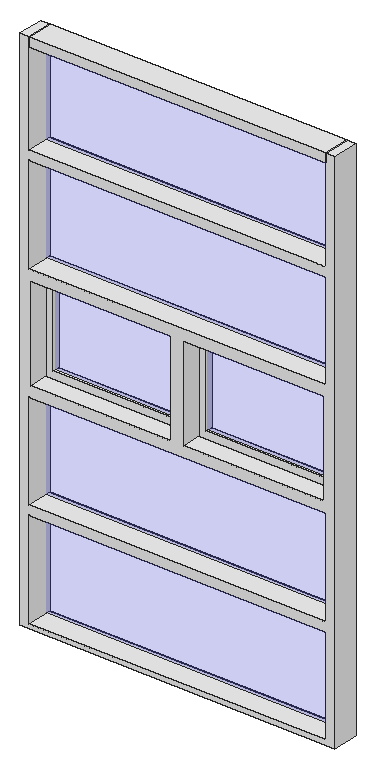
Revit family
Parameters
  창 패널 = ACW1 창 패널
  창 프레임 = ACW1 창 프레임
  Height = 3000 mm
  기본 씰 높이 = 0 mm
  Wall Closure = (empty or 0)
  Width = 1780 mm
  창 두께 = 150 mm
Reference planes
  plane 1: y = 0
  plane 2 "중심(왼쪽/오른쪽)": x = 0
  plane 3 "왼쪽": x = -890
  plane 4 "오른쪽": x = 890
  plane 5 "씰": z = 0
  plane 6 "헤드": z = 3000
  plane 7 "외부": y = 100
  plane 8 "내부": y = -100
  plane 9: z = 2400
  plane 10: z = 1800
  plane 11: z = 1200
  plane 12: z = 600
  plane 13: y = -75
  plane 14: y = 75
  plane 15: y = 66
  plane 16: y = 44
  plane 17: y = 35
  plane 18: x = -840
  plane 19: x = 840
  plane 20: z = 575
  plane 21: z = 625
  plane 22: z = 1175
  plane 23: z = 1225
  plane 24: z = 1775
  plane 25: z = 1825
  plane 26: z = 2375
  plane 27: z = 2425
  plane 28: z = 25
  plane 29: z = 2950
  plane 30: x = -25
  plane 31: x = 25
  plane 32: x = 432.5
  plane 33: x = -432.5
Forms (mm)
  Extrusion 1, solid, material "ACW1 창 프레임" <- "창 프레임"
    sketch origin (-2165.69, 265, 1175) x (0, 1, 0) y (1, 0, 0)
      loop
        line (-190, 3005.69) -> (-340, 3005.69) -> (-340, 1325.69) -> (-190, 1325.69) -> (-190, 3005.69)
    from 0 to -50
  Extrusion 2, solid, material "ACW1 창 프레임" <- "창 프레임"
    sketch origin (-2165.69, 265, 575) x (0, 1, 0) y (1, 0, 0)
      loop
        line (-190, 3005.69) -> (-340, 3005.69) -> (-340, 1325.69) -> (-190, 1325.69) -> (-190, 3005.69)
    from 0 to -50
  Extrusion 3, solid, material "ACW1 창 프레임" <- "창 프레임"
    sketch origin (-2165.69, 265, 1775) x (0, 1, 0) y (1, 0, 0)
      loop
        line (-190, 3005.69) -> (-340, 3005.69) -> (-340, 1325.69) -> (-190, 1325.69) -> (-190, 3005.69)
    from 0 to -50
  Extrusion 4, solid, material "ACW1 창 프레임" <- "창 프레임"
    sketch origin (-2165.69, 265, 2375) x (0, 1, 0) y (1, 0, 0)
      loop
        line (-190, 3005.69) -> (-340, 3005.69) -> (-340, 1325.69) -> (-190, 1325.69) -> (-190, 3005.69)
    from 0 to -50
  Extrusion 5, solid, material "ACW1 창 패널" <- "창 패널"
    sketch origin (0, 0, 0) x (1, 0, 0) y (0, 1, 0)
      loop
        line (-840, 66) -> (-840, 44) -> (840, 44) -> (840, 66) -> (-840, 66)
    from 25 to 575
  Extrusion 6, solid, material "ACW1 창 패널" <- "창 패널"
    sketch origin (0, 0, 575) x (1, 0, 0) y (0, 1, 0)
      loop
        line (-840, 66) -> (-840, 44) -> (840, 44) -> (840, 66) -> (-840, 66)
    from 50 to 600
  Extrusion 7, solid, material "ACW1 창 패널" <- "창 패널"
    sketch origin (0, 0, 1775) x (1, 0, 0) y (0, 1, 0)
      loop
        line (-840, 66) -> (-840, 44) -> (840, 44) -> (840, 66) -> (-840, 66)
    from 50 to 600
  Extrusion 8, solid, material "ACW1 창 패널" <- "창 패널"
    sketch origin (0, 0, 2375) x (1, 0, 0) y (0, 1, 0)
      loop
        line (-840, 66) -> (-840, 44) -> (840, 44) -> (840, 66) -> (-840, 66)
    from 50 to 575
  Extrusion 9, solid, material "ACW1 창 프레임" <- "창 프레임"
    sketch origin (0, 0, 0) x (1, 0, 0) y (0, 1, 0)
      loop
        line (-890, 75) -> (-890, -75) -> (-840, -75) -> (-840, 75) -> (-890, 75)
      loop
        line (840, 75) -> (840, -75) -> (890, -75) -> (890, 75) -> (840, 75)
    from 0 to 3000
  Extrusion 10, solid, material "ACW1 창 프레임" <- "창 프레임"
    sketch origin (-2165.69, 265, 0) x (0, 1, 0) y (1, 0, 0)
      loop
        line (-190, 3005.69) -> (-340, 3005.69) -> (-340, 1325.69) -> (-190, 1325.69) -> (-190, 3005.69)
    from 0 to -25
  Extrusion 11, solid, material "ACW1 창 프레임" <- "창 프레임"
    sketch origin (-2165.69, 265, 5050) x (0, 1, 0) y (1, 0, 0)
      loop
        line (-190, 3005.69) -> (-340, 3005.69) -> (-340, 1325.69) -> (-190, 1325.69) -> (-190, 3005.69)
    from 2100 to 2050
  Extrusion 12, solid, material "ACW1 창 프레임" <- "창 프레임"
    sketch origin (-2165.69, 265, 1225) x (0, 1, 0) y (1, 0, 0)
      loop
        line (-190, 2140.69) -> (-190, 2190.69) -> (-340, 2190.69) -> (-340, 2140.69) -> (-190, 2140.69)
    from 0 to -550
  Sweep 13, solid, material "ACW1 창 프레임" <- "창 프레임"
    path origin (-1050, 75, 0) x (1, 0, 0) y (0, 0, -1)
      loop
        line (1025, -1775) -> (1025, -1225) -> (210, -1225) -> (210, -1775) -> (1025, -1775)
    profile origin (-432.5, 75, 1775) x (0, 0, 1) y (0, 1, 0)
      loop
        line (0, 0) -> (-50, 0) -> (-50, -40) -> (0, -40) -> (0, 0)
  Sweep 14, solid, material "ACW1 창 프레임" <- "창 프레임"
    path origin (-1050, 75, 0) x (1, 0, 0) y (0, 0, -1)
      loop
        line (1890, -1775) -> (1890, -1225) -> (1075, -1225) -> (1075, -1775) -> (1890, -1775)
    profile origin (432.5, 75, 1775) x (0, 0, 1) y (0, 1, 0)
      loop
        line (0, 0) -> (-50, 0) -> (-50, -40) -> (0, -40) -> (0, 0)
  Extrusion 15, solid, material "ACW1 창 패널" <- "창 패널"
    sketch origin (-2180.69, 265, 2345) x (0, 1, 0) y (1, 0, 0)
      loop
        line (-199, 1390.69) -> (-199, 2105.69) -> (-221, 2105.69) -> (-221, 1390.69) -> (-199, 1390.69)
      loop
        line (-199, 2255.69) -> (-199, 2970.69) -> (-221, 2970.69) -> (-221, 2255.69) -> (-199, 2255.69)
    from 620 to 1070
  Sweep 16, solid, material "ACW1 창 프레임" <- "창 프레임"
    path origin (-25, 35, 1775) x (-1, 0, 0) y (0, 0, -1)
      loop
        line (0, 0) -> (815, 0) -> (815, 550) -> (0, 550) -> (0, 0)
    profile origin (-432.5, 35, 1775) x (0, 0, -1) y (0, -1, 0)
      loop
        line (0, 0) -> (9.997, 0) -> (9.997, 110) -> (0, 110) -> (0, 0)
  Sweep 17, solid, material "ACW1 창 프레임" <- "창 프레임"
    path origin (840, 35, 1775) x (-1, 0, 0) y (0, 0, -1)
      loop
        line (0, 0) -> (815, 0) -> (815, 550) -> (0, 550) -> (0, 0)
    profile origin (432.5, 35, 1775) x (0, 0, -1) y (0, -1, 0)
      loop
        line (0, 0) -> (9.997, 0) -> (9.997, 110) -> (0, 110) -> (0, 0)
Cuts and joins
  joined: Extrusion 1, Extrusion 2, Extrusion 3, Extrusion 4, Extrusion 9, Extrusion 10, Extrusion 12, Sweep 16, Sweep 17
Lines and regions (mm)
  Opening 1
    outline origin (3500, -100, 0) x (1, 0, 0) y (0, 0, 1)
      loop
        line (-2610, 0) -> (-2610, 3000) -> (-4390, 3000) -> (-4390, 0) -> (-2610, 0)
  symbolic lines, style "입면도 스윙"
    curve 1: line (-432.5, 35, 1775) -> (-25, 35, 1225)
    curve 2: line (-432.5, 35, 1775) -> (-840, 35, 1225)
    curve 3: line (432.5, 35, 1775) -> (840, 35, 1225)
    curve 4: line (432.5, 35, 1775) -> (25, 35, 1225)
Text (mm)
  text "외부" at (-1963.203, 1332.353, 0), in view "참조 레벨"
  text "내부" at (-1981.466, -818.386, 0), in view "참조 레벨"
  text "외부" at (0, 923.751, 2943.296), in view "오른쪽"
  text "외부" at (0, 1040.484, 2685.409), in view "왼쪽"
Dimensions and locks
  equal spacing: plane 3 "왼쪽", plane 2 "중심(왼쪽/오른쪽)", plane 4 "오른쪽"
  "Width": plane 3 "왼쪽" to plane 4 "오른쪽"
  "Height": plane 5 "씰" to plane 6 "헤드"
  "기본 씰 높이": plane 5 "씰" to level
  locked: plane 7 "외부" to host wall at 0
  locked: plane 8 "내부" to host wall
  "창 두께": plane 14 to plane 13
  equal spacing: plane 14, plane 1, plane 13
  plane 14 to plane 15 to plane 16 to plane 17 = 9 mm locked, 22 mm locked, 9 mm locked
  locked: plane 3 "왼쪽" to plane 18 at 50
  locked: plane 19 to plane 4 "오른쪽" at 50
  plane 29 to plane 6 "헤드" = 50 mm
  plane 30 to plane 2 "중심(왼쪽/오른쪽)" to plane 31 = 25 mm locked, 25 mm locked
  locked: cut or joined group 1 (Extrusion 1, Extrusion 2, Extrusion 3, Extrusion 4, Extrusion 9, Extrusion 10, Extrusion 12, Sweep 16, Sweep 17) to Sweep 13 sketch curve at 50
  locked: plane 5 "씰" to plane 28 at 25
  plane 26 to plane 9 to plane 27 = 25 mm locked, 25 mm locked
  plane 24 to plane 10 to plane 25 = 25 mm locked, 25 mm locked
  plane 22 to plane 11 to plane 23 = 25 mm locked, 25 mm locked
  plane 20 to plane 12 to plane 21 = 25 mm locked, 25 mm locked
  equal spacing: plane 5 "씰", plane 12, plane 11, plane 10, plane 9, plane 6 "헤드"
  equal spacing: plane 19, plane 32, plane 31
  equal spacing: plane 30, plane 33, plane 18
  aligned and locked: Extrusion 5 to plane 20
  aligned and locked: Extrusion 6 to plane 22
  aligned and locked: plane 3 "왼쪽" to Extrusion 9 sketch curve
  aligned and locked: Extrusion 9 sketch curve to plane 14
  aligned and locked: plane 13 to Extrusion 9 sketch curve
  aligned and locked: plane 4 "오른쪽" to Extrusion 9 sketch curve
  aligned and locked: Extrusion 9 to host wall
  aligned and locked: Extrusion 11 to host wall
  aligned and locked: plane 29 to Extrusion 11
  aligned and locked: plane 30 to Extrusion 12 sketch curve
  aligned and locked: plane 14 to Extrusion 12 sketch curve
  aligned and locked: plane 13 to Extrusion 12 sketch curve
  aligned and locked: plane 31 to Extrusion 12 sketch curve
  aligned and locked: Sweep 13 sketch curve to cut or joined group 1
  aligned and locked: Sweep 14 sketch curve to cut or joined group 1  (x2)
  aligned and locked: Sweep 14 sketch curve to Sweep 13  (x2)
  aligned and locked: plane 15 to Extrusion 15 sketch curve  (x2)
  aligned and locked: plane 16 to Extrusion 15 sketch curve  (x2)
  aligned and locked: plane 5 "씰" to Extrusion 10
  aligned and locked: plane 5 "씰" to Extrusion 9
  aligned and locked: Extrusion 11 to plane 6 "헤드"
  aligned and locked: Extrusion 8 to plane 29
  aligned and locked: Extrusion 4 to plane 27
  aligned and locked: plane 27 to Extrusion 8
  aligned and locked: plane 26 to Extrusion 4
  aligned and locked: Extrusion 7 to plane 26
  aligned and locked: plane 25 to Extrusion 7
  aligned and locked: Extrusion 3 to plane 25
  aligned and locked: Extrusion 12 to plane 24
  aligned and locked: Extrusion 1 to plane 23
  aligned and locked: plane 22 to Extrusion 1
  aligned and locked: Extrusion 2 to plane 21
  aligned and locked: plane 21 to Extrusion 6
  aligned and locked: plane 20 to Extrusion 2
  aligned and locked: plane 24 to Extrusion 3
  aligned and locked: plane 24 to Sweep 16 sketch curve
  aligned and locked: Sweep 16 sketch curve to plane 18
  aligned and locked: Sweep 16 sketch curve to plane 23
  aligned and locked: Sweep 16 sketch curve to plane 30
  aligned and locked: plane 24 to Sweep 13 sketch curve
  aligned and locked: Sweep 13 sketch curve to plane 18
  aligned and locked: Sweep 13 sketch curve to plane 23
  aligned and locked: Sweep 13 sketch curve to plane 30
  aligned and locked: plane 31 to Sweep 14 sketch curve
  aligned and locked: plane 24 to Sweep 14 sketch curve
  aligned and locked: plane 19 to Sweep 14 sketch curve
  aligned and locked: Sweep 14 sketch curve to plane 23
  aligned and locked: Extrusion 15 to Sweep 13  (x4)
  aligned and locked: Extrusion 15 to Sweep 14  (x2)
  aligned and locked: plane 6 "헤드" to Opening 1 sketch curve
  aligned and locked: plane 4 "오른쪽" to Opening 1 sketch curve
  aligned and locked: plane 3 "왼쪽" to Opening 1 sketch curve
  aligned and locked: plane 5 "씰" to Opening 1 sketch curve
  aligned and locked: plane 28 to Extrusion 10
  aligned and locked: Extrusion 5 to plane 28
  aligned and locked: plane 32 to curve 4
  aligned and locked: plane 24 to curve 3
  aligned and locked: plane 23 to curve 3
  aligned and locked: plane 19 to curve 3
  aligned and locked: plane 23 to curve 4
  aligned and locked: plane 31 to curve 4
  aligned and locked: plane 33 to curve 1
  aligned and locked: plane 24 to curve 2
  aligned and locked: plane 30 to curve 1
  aligned and locked: plane 23 to curve 1
  aligned and locked: plane 23 to curve 2
  aligned and locked: plane 18 to curve 2
Automatic sketch dimensions
  Extrusion 1 sketch curve to plane 13 = 0 mm
  Extrusion 1 sketch curve to plane 14 = 0 mm
  Extrusion 1 sketch curve to plane 19 = 0 mm
  Extrusion 1 sketch curve to plane 18 = 0 mm
  Extrusion 2 sketch curve to plane 13 = 0 mm
  Extrusion 2 sketch curve to plane 14 = 0 mm
  Extrusion 2 sketch curve to plane 19 = 0 mm
  Extrusion 2 sketch curve to plane 18 = 0 mm
  Extrusion 3 sketch curve to plane 13 = 0 mm
  Extrusion 3 sketch curve to plane 14 = 0 mm
  Extrusion 3 sketch curve to plane 19 = 0 mm
  Extrusion 3 sketch curve to plane 18 = 0 mm
  Extrusion 4 sketch curve to plane 13 = 0 mm
  Extrusion 4 sketch curve to plane 14 = 0 mm
  Extrusion 4 sketch curve to plane 19 = 0 mm
  Extrusion 4 sketch curve to plane 18 = 0 mm
  Extrusion 5 sketch curve to plane 16 = 0 mm
  Extrusion 5 sketch curve to plane 18 = 0 mm
  Extrusion 5 sketch curve to plane 19 = 0 mm
  Extrusion 5 sketch curve to plane 15 = 0 mm
  Extrusion 6 sketch curve to plane 16 = 0 mm
  Extrusion 6 sketch curve to plane 18 = 0 mm
  Extrusion 6 sketch curve to plane 19 = 0 mm
  Extrusion 6 sketch curve to plane 15 = 0 mm
  Extrusion 7 sketch curve to plane 16 = 0 mm
  Extrusion 7 sketch curve to plane 18 = 0 mm
  Extrusion 7 sketch curve to plane 19 = 0 mm
  Extrusion 7 sketch curve to plane 15 = 0 mm
  Extrusion 8 sketch curve to plane 16 = 0 mm
  Extrusion 8 sketch curve to plane 18 = 0 mm
  Extrusion 8 sketch curve to plane 19 = 0 mm
  Extrusion 8 sketch curve to plane 15 = 0 mm
  Extrusion 10 sketch curve to plane 13 = 0 mm
  Extrusion 10 sketch curve to plane 14 = 0 mm
  Extrusion 10 sketch curve to plane 19 = 0 mm
  Extrusion 10 sketch curve to plane 18 = 0 mm
  Extrusion 11 sketch curve to plane 13 = 0 mm
  Extrusion 11 sketch curve to plane 14 = 0 mm
  Extrusion 11 sketch curve to plane 19 = 0 mm
  Extrusion 11 sketch curve to plane 18 = 0 mm
  Extrusion 9 sketch curve to plane 13 = 0 mm
  Extrusion 9 sketch curve to plane 18 = 0 mm
  Extrusion 9 sketch curve to plane 14 = 0 mm
  Extrusion 9 sketch curve to plane 19 = 0 mm
  Sweep 13 sketch curve to profile plane = 0 mm
  Sweep 13 sketch curve to profile plane = 40 mm
  Sweep 16 sketch curve to profile plane = 0 mm  (x2)
  Sweep 16 sketch curve to profile plane = 9.997 mm
  profile plane to Sweep 16 sketch curve = 110 mm
  Sweep 17 sketch curve to profile plane = 0 mm  (x2)
  Sweep 17 sketch curve to profile plane = 9.997 mm
  profile plane to Sweep 17 sketch curve = 110 mm
  Sweep 17 sketch curve to Sweep 14 = 0 mm  (x4)
  plane 19 to Extrusion 15 sketch curve = 50 mm
  plane 31 to Extrusion 15 sketch curve = 50 mm
  Extrusion 15 sketch curve to plane 30 = 50 mm
  Extrusion 15 sketch curve to plane 18 = 50 mm
